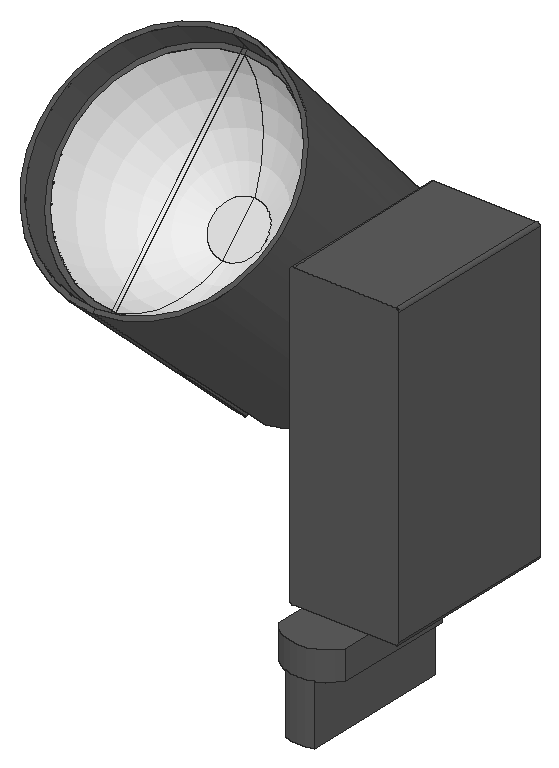
Revit family "0004902 Feilo Sylvania Lighting Fixture START TRACK SPOT L 35W 4K RA90 MB BLACK", category Lighting Fixtures, host Face, Revit 2017
Family settings
  Host = Face
  Round Connector Dimension = Use Diameter
  Part Type = Normal
  OmniClass Number = 23.80.70.00
  OmniClass Title = Lighting
  Cut with Voids When Loaded = No
  Light Source = No
  Shared = No
  Room Calculation Point = No
Parameters (values of type "0004902 START TRACK SPOT L 35W 4K RA90 MB BLACK")
  Weight = "1.368 kg"
  Wattage Comments = ""
  WarrantyStartDate [instance] = "n/a"
  WarrantyGuarantorParts = "n/a"
  WarrantyDurationUnit = "n/a"
  WarrantyDurationParts = "n/a"
  WarrantyDescription = "n/a"
  Voltage = 230 V
  URL = "http://www.sylvania-lighting.com"
  TypeName = "START TRACK SPOT L 35W 4K RA90 MB BLACK"
  TypeHead_FEILO = Start Track Spot Head : 0004902 START TRACK SPOT L 35W 4K RA90 MB BLACK
  TypeBox_FEILO = Start Track Spot Box : Type Large Black
  Type Image = <None>
  Type Comments = "n/a"
  VerticalRotation_FEILO [instance] = 0.00°
  SlideEndAngle_FEILO [instance] = VerticalRotation_FEILO + 180.00°  # 180.00°
  SerialNumber [instance] = "n/a"
  Material_3_FEILO = none
  PowerFactor = 0.93
  PowerConsumption = "35 W"
  NominalLength = 0 mm
  NominalHeight = 240 mm
  NominalDepth = 164 mm
  Name = "START TRACK SPOT L 35W 4K RA90 MB BLACK"
  ModelReference = Name  # "START TRACK SPOT L 35W 4K RA90 MB BLACK"
  ModelNumber = "0004902"
  Model = Name  # "START TRACK SPOT L 35W 4K RA90 MB BLACK"
  Material = "adc12 aluminium housing, polycarbonate diffuser"
  ManufacturerName = "Feilo Sylvania"
  Manufacturer = "Feilo Sylvania"
  LuminousEfficacy = "103 lm/W"
  LuminaireType = ""
  LightOutputRatio = "100"
  LampsType = Lamp  # "LED"
  LampNominalLuminous = "3616 lm"
  LampMacAdamStep = "3"
  LampColourTemperature = "4000 K"
  LampColourRenderingIndex = "90"
  Lamp = "LED"
  Keynote = "16500"
  InstallationDate [instance] = "n/a"
  InputVoltage = "230-240V~"
  InputNominalFrequency = "50/60 Hz"
  IngressProtection = "IP20"
  ImpactProtectionIndex = "IK02"
  IfcExportType = "IfcLightFixtureType"
  IfcExportAs = "IfcLightFixtureType"
  HorizontalRotation_FEILO [instance] = 45.00°
  ExpectedLife = 50000
  ElectricShockClassification = "Class II"
  DurationUnit = "hours"
  DocumentationLiterature = "http://www.sylvania-lighting.com/product/en-int/products/0004902"
  DimmingControlOptions = "Non dimmable"
  Material_2_FEILO = none
  Description = "Integrated LED spotlight, Textured Black - RAL9005, compact and minimalist design, ideal for retail applications, die-cast aluminium body, passive cooling heatsink. Beam angle: 38°, color temperature: 4000K , total system power: 35W, total fixture output: 3616 lm, LOR: 100%, colour rendering: Ra: 90 typical, LED Chromaticity: 3 step MacAdam ellipse, lifetime: >50000 hours at L70B50, energy class: A++, A+, A, IR/UV free light source without heat radiation, operating voltage: 220-240V / 50-60Hz, drive current: 900mA, electronic driver, non-dimmable, power factor: 0.93, electrical protection: Class II, Global Track 3 Phase adapter suitable for Global trac 3-circuit tracks, ingress protection rating: IP20, suitable for internal environment only, horizontal rotation: 355°, vertical tilt: 90°, dimensions: Ø113x164x240, weight: 1.368kg."
  Default Elevation = 1219.2 mm
  CreatedOn = "12/12/2017"
  CreatedBy = ""
  Cost = 0
  built-in parameter 1114216 [instance] = (empty or 0)
  ClassificationValue = "EF_70_80"
  ClassificationName = "Uniclass2015"
  Material_1_FEILO = Body-Sylvania-StartTrackSpot-Black
  BarCode [instance] = "n/a"
  AssetType = "Fixed"
  AssetIdentifier [instance] = "n/a"
  Assembly Code = "D5020200"
  Apparent Load = 35 VA
  Material_4_FEILO = none
Reference planes
  plane 1 "Center (Front/Back)": y = 0
  plane 2: z = 0
  plane 3 "Center (Left/Right)": x = 0
  plane 4: x = 15
  plane 5: x = -15
  plane 6: y = 35
  plane 7: y = -35
  plane 8: z = 13
  plane 9: z = -27
  plane 10: x = 6.5
  plane 11: x = -6.5
  plane 12: y = 27
  plane 13: y = -27
  plane 14: y = 20
Forms (mm)
  Extrusion 1, solid, material "Body-Sylvania-StartTrackSpot-Black" <- "Material_1_FEILO"
    sketch origin (0, 0, 0) x (1, 0, 0) y (0, 1, 0)
      loop
        line (-15, 27) -> (-15, -27)
        arc (-15, -27) -> (0, -35) -> (15, -27) r 18.062
        line (15, -27) -> (15, 27)
        arc (15, 27) -> (0, 35) -> (-15, 27) r 18.062
    from 0 to 13
  Extrusion 2, solid, material "Body-Sylvania-StartTrackSpot-Black" <- "Material_1_FEILO"
    sketch origin (0, 0, 0) x (1, 0, 0) y (0, 1, 0)
      loop
        arc (6.5, 33.79) -> (0, 35) -> (-6.5, 33.79) r 18.062
        line (-6.5, 33.79) -> (-6.5, -33.79)
        arc (-6.5, -33.79) -> (0, -35) -> (6.5, -33.79) r 18.062
        line (6.5, -33.79) -> (6.5, 33.79)
    from 0 to -27
  Revolve 3, solid, not visible
    sketch origin (1524, 20, 1219.2) x (1, 0, 0) y (0, 0, 1)
      loop
        line (-1524, -1206.2) -> (-1524, -1191.285) -> (-1530.5, -1191.285) -> (-1530.5, -1206.2) -> (-1524, -1206.2)
      axis (-1524, -1191.285) -> (-1524, -1206.2)
    angle from 0 <- "VerticalRotation_FEILO" to 180 <- "SlideEndAngle_FEILO"
Cuts and joins
  joined: Extrusion 1, Extrusion 2
Dimensions and locks
  equal spacing: plane 10, plane 3 "Center (Left/Right)", plane 11
  equal spacing: plane 4, plane 3 "Center (Left/Right)", plane 5
  locked: plane 8 to plane 2 at 13
  locked: plane 8 to plane 9 at 40
  equal spacing: plane 13, plane 1 "Center (Front/Back)", plane 12
  locked: plane 12 to plane 6 at 8
  locked: plane 14 to plane 6 at 15
  locked: Revolve 3 sketch curve to plane 8 at 14.915
  aligned and locked: plane 2 to host face
  aligned and locked: level to host face
  aligned and locked: plane 5 to Extrusion 1 sketch curve  (x2)
  aligned and locked: plane 12 to Extrusion 1 sketch curve
  aligned and locked: plane 13 to Extrusion 1 sketch curve
  aligned and locked: plane 4 to Extrusion 1 sketch curve
  aligned and locked: Extrusion 1 to plane 8
  aligned and locked: Extrusion 1 to level
  aligned and locked: Extrusion 2 sketch curve to Extrusion 1  (x2)
  aligned and locked: Extrusion 2 sketch curve to plane 11
  aligned and locked: plane 10 to Extrusion 2 sketch curve
  aligned and locked: plane 9 to Extrusion 2
  aligned and locked: level to Extrusion 2
  aligned and locked: Revolve 3 sketch curve to plane 3 "Center (Left/Right)"  (x2)
  aligned and locked: plane 11 to Revolve 3 sketch curve
  aligned and locked: Revolve 3 sketch curve to plane 8
Automatic sketch dimensions
  host sketch curve to host sketch curve = 2438.4 mm  (x2)
  Extrusion 1 sketch curve to plane 3 "Center (Left/Right)" = 0 mm  (x2)
  Extrusion 1 sketch curve to plane 13 = 10.062 mm
  plane 12 to Extrusion 1 sketch curve = 10.062 mm
  Revolve 3 sketch curve to plane 3 "Center (Left/Right)" = 0 mm
  plane 9 to Revolve 3 sketch curve = 582.6 mm
  Revolve 3 sketch curve to Revolve 3 sketch curve = 2581.144 mm
Nested families
  nested 1: "Start Track Spot Head" at (-75.5, 20, 133) x (0, 0.7071, 0.7071) z (0, 0.7071, -0.7071), type <- "TypeHead_FEILO", type "0004902 START TRACK SPOT L 35W 4K RA90 MB BLACK"
    with built-in parameter 1114216 (empty or 0)
  nested 2: "Start Track Spot Box" at (8.5, 20, 85) x (-1, 0, 0) z (0, -1, 0), BoxStartAngle_FEILO <- "HorizontalRotation_FEILO", type <- "TypeBox_FEILO", type "Type Large Black"
    with BoxStartAngle_FEILO 45.00°, BoxEndAngle_FEILO -135.00°
Connectors
  electrical at (0, 0, 0), driven by "Apparent Load", driven by "PowerFactor", driven by "Voltage"
    settings: index 1, voltage 230 V, apparent load 35 VA, apparent load phase1 0 VA, apparent load phase2 0 VA, apparent load phase3 0 VA, power factor 0.93, load classification "Lighting", number of poles 1, system type 30, power factor state 1, is connector primary yes, connector utility no, sub classification motor no, connector description ""
Definition of nested family "Start Track Spot Head"
  Parameters (values of type "0004811 START TRACK SPOT S 14W 3K RA80 NB WHITE")
    Wattage Comments = "n/a"
    Wattage = 14 W
    built-in parameter 1150110 = 1 (stored number, unit not read)
    URL = "http://www.feilosylvania.com"
    Type Image = (empty or 0)
    Type Comments = "n/a"
    built-in parameter 1114217 = 1 (stored number, unit not read)
    Tilt Angle = -90.00°
    built-in parameter 1150109 = 1 (stored number, unit not read)
    built-in parameter 1150134 = (empty or 0)
    built-in parameter 1150113 = 1 (stored number, unit not read)
    Photometric Web File = "0004811.ies"
    Material_3_FEILO = none
    Model = "START TRACK SPOT S 14W 3K RA80 NB WHITE"
    Manufacturer = "Feilo Sylvania"
    built-in parameter 1150105 = 123.66 (stored number, unit not read)
    Lumens = 1554 lm
    built-in parameter 1150115 = 1 (stored number, unit not read)
    built-in parameter 1150137 = (empty or 0)
    built-in parameter 1150139 = (empty or 0)
    built-in parameter 1150112 = 1 (stored number, unit not read)
    built-in parameter 1150114 = 1 (stored number, unit not read)
    Lamp = "LED"
    Keynote = "16500"
    Material_2_FEILO = none
    built-in parameter 1150132 = (empty or 0)
    built-in parameter 1150102 = (empty or 0)
    built-in parameter 1150107 = 3000 (stored number, unit not read)
    built-in parameter 1150138 = (empty or 0)
    built-in parameter 1150106 = 1.2366 (stored number, unit not read)
    HeadThickness_FEILO = if(HeadDiaOut_FEILO > 112 mm, 2 mm, 1.5 mm)  # 1.5 mm
    HeadRibOffset_FEILO = HeadHeight_FEILO / 28  # 4.179 mm
    HeadRibDepth_FEILO = HeadHeight_FEILO / 2.1  # 55.714 mm
    HeadRibCutWidth_FEILO = HeadDiaOut_FEILO / 12  # 7.167 mm
    HeadRibCutOffset_FEILO = HeadHeight_FEILO / 2.3  # 50.87 mm
    HeadReflectorRadius_FEILO = HeadDiaOut_FEILO / 1.7  # 50.588 mm
    HeadReflectorOffset_FEILO = HeadHeight_FEILO / 2.1  # 55.714 mm
    HeadLEDRadius_FEILO = HeadDiaOut_FEILO / 9  # 9.556 mm
    HeadHeight_FEILO = 117 mm
    HeadDraft_FEILO = 1 mm
    HeadDiffusorThickness_FEILO = 3 mm
    HeadDiffusorOffset_FEILO = HeadHeight_FEILO / 12.4  # 9.435 mm
    HeadDiaOut_FEILO = 86 mm
    HeadDiaIn_FEILO = HeadDiaOut_FEILO / 1.11  # 77.477 mm
    HeadAxisFromTop_FEILO = HeadHeight_FEILO / 1.687  # 69.354 mm
    Emit from Circle Diameter = HeadDiaIn_FEILO  # 77.477 mm
    Emit Shape Visible in Rendering = no
    built-in parameter 1150104 = 10.312 (stored number, unit not read)
    Dimming Lamp Color Temperature Shift = (empty or 0)
    Description = "Integrated LED spotlight, Textured White - RAL9016, compact and minimalist design, ideal for retail applications, die-cast aluminium body, passive cooling heatsink. Beam angle: 12°, color temperature: 3000K , total system power: 14W, total fixture output: 1551 lm, LOR: 100%, colour rendering: Ra: 80 typical, LED Chromaticity: 3 step MacAdam ellipse, lifetime: >50000 hours at L70B50, energy class: A++, A+, A, IR/UV free light source without heat radiation, operating voltage: 220-240V / 50-60Hz, drive current: 350mA, electronic driver, non-dimmable, power factor: 0.92, electrical protection: Class II, Global Track 3 Phase adapter suitable for Global trac 3-circuit tracks, ingress protection rating: IP20, suitable for internal environment only, horizontal rotation: 355°, vertical tilt: 90°, dimensions: Ø86x140x200, weight: 0.940kg."
    Default Elevation = 1219.2 mm
    Cost = 0
    Color Filter = 16777215
    built-in parameter 1114216 [instance] = (empty or 0)
    Material_1_FEILO = none
    built-in parameter 1114218 = 1 (stored number, unit not read)
    built-in parameter 1150133 = 10 (stored number, unit not read)
    Assembly Code = "D5020200"
    Apparent Load = 14 VA
    Material_4_FEILO = none
  Types (96, lengths in mm): name | Wattage | built-in parameter 1150134 | Photometric Web File | Model | built-in parameter 1150105 | Lumens | built-in parameter 1150107 | built-in parameter 1150106 | HeadThickness_FEILO | HeadRibOffset_FEILO | HeadRibDepth_FEILO | HeadRibCutWidth_FEILO | HeadRibCutOffset_FEILO | HeadReflectorRadius_FEILO | HeadReflectorOffset_FEILO | HeadLEDRadius_FEILO | HeadHeight_FEILO | HeadDiffusorOffset_FEILO | HeadDiaOut_FEILO | HeadDiaIn_FEILO | HeadAxisFromTop_FEILO | Emit from Circle Diameter | built-in parameter 1150104 | Description | Apparent Load
    0004906 START TRACK SPOT L 55W 4K RA90 WB BLACK | 55 W | 12 | "0004906.ies" | "START TRACK SPOT L 55W 4K RA90 WB BLACK" | 385.15 (stored number, unit not read) | 4840 lm | 4000 (stored number, unit not read) | 3.8515 (stored number, unit not read) | 2 | 4.429 | 59.048 | 9.417 | 53.913 | 66.471 | 59.048 | 12.556 | 124 | 10 | 113 | 101.802 | 73.503 | 101.802 | 8.1755 (stored number, unit not read) | "Integrated LED spotlight, Textured Black - RAL9005, compact and minimalist design, ideal for retail applications, die-cast aluminium body, passive cooling heatsink. Beam angle: 52°, color temperature: 4000K , total system power: 55W, total fixture output: 4824 lm, LOR: 100%, colour rendering: Ra: 90 typical, LED Chromaticity: 3 step MacAdam ellipse, lifetime: >50000 hours at L70B50, energy class: A++, A+, A, IR/UV free light source without heat radiation, operating voltage: 220-240V / 50-60Hz, drive current: 1400mA, electronic driver, non-dimmable, power factor: 0.96, electrical protection: Class II, Global Track 3 Phase adapter suitable for Global trac 3-circuit tracks, ingress protection rating: IP20, suitable for internal environment only, horizontal rotation: 355°, vertical tilt: 90°, dimensions: Ø113x164x240, weight: 1.398kg." | 55 VA
    0004905 START TRACK SPOT L 55W 4K RA90 MB BLACK | 55 W | 12 | "0004905.ies" | "START TRACK SPOT L 55W 4K RA90 MB BLACK" | 389.53 (stored number, unit not read) | 4895 lm | 4000 (stored number, unit not read) | 3.8953 (stored number, unit not read) | 2 | 4.429 | 59.048 | 9.417 | 53.913 | 66.471 | 59.048 | 12.556 | 124 | 10 | 113 | 101.802 | 73.503 | 101.802 | 8.2684 (stored number, unit not read) | "Integrated LED spotlight, Textured Black - RAL9005, compact and minimalist design, ideal for retail applications, die-cast aluminium body, passive cooling heatsink. Beam angle: 38°, color temperature: 4000K , total system power: 55W, total fixture output: 4897 lm, LOR: 100%, colour rendering: Ra: 90 typical, LED Chromaticity: 3 step MacAdam ellipse, lifetime: >50000 hours at L70B50, energy class: A++, A+, A, IR/UV free light source without heat radiation, operating voltage: 220-240V / 50-60Hz, drive current: 1400mA, electronic driver, non-dimmable, power factor: 0.96, electrical protection: Class II, Global Track 3 Phase adapter suitable for Global trac 3-circuit tracks, ingress protection rating: IP20, suitable for internal environment only, horizontal rotation: 355°, vertical tilt: 90°, dimensions: Ø113x164x240, weight: 1.398kg." | 55 VA
    0004904 START TRACK SPOT L 55W 4K RA90 NB BLACK | 55 W | 12 | "0004904.ies" | "START TRACK SPOT L 55W 4K RA90 NB BLACK" | 393.91 (stored number, unit not read) | 4950 lm | 4000 (stored number, unit not read) | 3.9391 (stored number, unit not read) | 2 | 4.429 | 59.048 | 9.417 | 53.913 | 66.471 | 59.048 | 12.556 | 124 | 10 | 113 | 101.802 | 73.503 | 101.802 | 8.3613 (stored number, unit not read) | "Integrated LED spotlight, Textured Black - RAL9005, compact and minimalist design, ideal for retail applications, die-cast aluminium body, passive cooling heatsink. Beam angle: 15°, color temperature: 4000K , total system power: 55W, total fixture output: 4965 lm, LOR: 100%, colour rendering: Ra: 90 typical, LED Chromaticity: 3 step MacAdam ellipse, lifetime: >50000 hours at L70B50, energy class: A++, A+, A, IR/UV free light source without heat radiation, operating voltage: 220-240V / 50-60Hz, drive current: 1400mA, electronic driver, non-dimmable, power factor: 0.96, electrical protection: Class II, Global Track 3 Phase adapter suitable for Global trac 3-circuit tracks, ingress protection rating: IP20, suitable for internal environment only, horizontal rotation: 355°, vertical tilt: 90°, dimensions: Ø113x164x240, weight: 1.398kg." | 55 VA
    0004903 START TRACK SPOT L 35W 4K RA90 WB BLACK | 35 W | 12 | "0004903.ies" | "START TRACK SPOT L 35W 4K RA90 WB BLACK" | 284.09 (stored number, unit not read) | 3570 lm | 4000 (stored number, unit not read) | 2.8409 (stored number, unit not read) | 2 | 4.429 | 59.048 | 9.417 | 53.913 | 66.471 | 59.048 | 12.556 | 124 | 10 | 113 | 101.802 | 73.503 | 101.802 | 9.4761 (stored number, unit not read) | "Integrated LED spotlight, Textured Black - RAL9005, compact and minimalist design, ideal for retail applications, die-cast aluminium body, passive cooling heatsink. Beam angle: 52°, color temperature: 4000K , total system power: 35W, total fixture output: 3562 lm, LOR: 100%, colour rendering: Ra: 90 typical, LED Chromaticity: 3 step MacAdam ellipse, lifetime: >50000 hours at L70B50, energy class: A++, A+, A, IR/UV free light source without heat radiation, operating voltage: 220-240V / 50-60Hz, drive current: 900mA, electronic driver, non-dimmable, power factor: 0.93, electrical protection: Class II, Global Track 3 Phase adapter suitable for Global trac 3-circuit tracks, ingress protection rating: IP20, suitable for internal environment only, horizontal rotation: 355°, vertical tilt: 90°, dimensions: Ø113x164x240, weight: 1.368kg." | 35 VA
    0004902 START TRACK SPOT L 35W 4K RA90 MB BLACK | 35 W | 12 | "0004902.ies" | "START TRACK SPOT L 35W 4K RA90 MB BLACK" | 286.88 (stored number, unit not read) | 3605 lm | 4000 (stored number, unit not read) | 2.8688 (stored number, unit not read) | 2 | 4.429 | 59.048 | 9.417 | 53.913 | 66.471 | 59.048 | 12.556 | 124 | 10 | 113 | 101.802 | 73.503 | 101.802 | 9.569 (stored number, unit not read) | "Integrated LED spotlight, Textured Black - RAL9005, compact and minimalist design, ideal for retail applications, die-cast aluminium body, passive cooling heatsink. Beam angle: 38°, color temperature: 4000K , total system power: 35W, total fixture output: 3616 lm, LOR: 100%, colour rendering: Ra: 90 typical, LED Chromaticity: 3 step MacAdam ellipse, lifetime: >50000 hours at L70B50, energy class: A++, A+, A, IR/UV free light source without heat radiation, operating voltage: 220-240V / 50-60Hz, drive current: 900mA, electronic driver, non-dimmable, power factor: 0.93, electrical protection: Class II, Global Track 3 Phase adapter suitable for Global trac 3-circuit tracks, ingress protection rating: IP20, suitable for internal environment only, horizontal rotation: 355°, vertical tilt: 90°, dimensions: Ø113x164x240, weight: 1.368kg." | 35 VA
    0004901 START TRACK SPOT L 35W 4K RA90 NB BLACK | 35 W | 12 | "0004901.ies" | "START TRACK SPOT L 35W 4K RA90 NB BLACK" | 286.88 (stored number, unit not read) | 3605 lm | 4000 (stored number, unit not read) | 2.8688 (stored number, unit not read) | 2 | 4.429 | 59.048 | 9.417 | 53.913 | 66.471 | 59.048 | 12.556 | 124 | 10 | 113 | 101.802 | 73.503 | 101.802 | 9.569 (stored number, unit not read) | "Integrated LED spotlight, Textured Black - RAL9005, compact and minimalist design, ideal for retail applications, die-cast aluminium body, passive cooling heatsink. Beam angle: 15°, color temperature: 4000K , total system power: 35W, total fixture output: 3593 lm, LOR: 100%, colour rendering: Ra: 90 typical, LED Chromaticity: 3 step MacAdam ellipse, lifetime: >50000 hours at L70B50, energy class: A++, A+, A, IR/UV free light source without heat radiation, operating voltage: 220-240V / 50-60Hz, drive current: 900mA, electronic driver, non-dimmable, power factor: 0.93, electrical protection: Class II, Global Track 3 Phase adapter suitable for Global trac 3-circuit tracks, ingress protection rating: IP20, suitable for internal environment only, horizontal rotation: 355°, vertical tilt: 90°, dimensions: Ø113x164x240, weight: 1.368kg." | 35 VA
    0004900 START TRACK SPOT S 24W 4K RA90 WB BLACK | 24 W | 12 | "0004900.ies" | "START TRACK SPOT S 24W 4K RA90 WB BLACK" | 166.16 (stored number, unit not read) | 2088 lm | 4000 (stored number, unit not read) | 1.6616 (stored number, unit not read) | 1.5 | 4.179 | 55.714 | 7.167 | 50.87 | 50.588 | 55.714 | 9.556 | 117 | 9.435 | 86 | 77.477 | 69.354 | 77.477 | 8.0826 (stored number, unit not read) | "Integrated LED spotlight, Textured Black - RAL9005, compact and minimalist design, ideal for retail applications, die-cast aluminium body, passive cooling heatsink. Beam angle: 64°, color temperature: 4000K , total system power: 24W, total fixture output: 2087 lm, LOR: 100%, colour rendering: Ra: 90 typical, LED Chromaticity: 3 step MacAdam ellipse, lifetime: >50000 hours at L70B50, energy class: A++, A+, A, IR/UV free light source without heat radiation, operating voltage: 220-240V / 50-60Hz, drive current: 600mA, electronic driver, non-dimmable, power factor: 0.95, electrical protection: Class II, Global Track 3 Phase adapter suitable for Global trac 3-circuit tracks, ingress protection rating: IP20, suitable for internal environment only, horizontal rotation: 355°, vertical tilt: 90°, dimensions: Ø86x140x200, weight: 0.966kg." | 24 VA
    0004899 START TRACK SPOT S 24W 4K RA90 MB BLACK | 24 W | 12 | "0004899.ies" | "START TRACK SPOT S 24W 4K RA90 MB BLACK" | 169.98 (stored number, unit not read) | 2136 lm | 4000 (stored number, unit not read) | 1.6998 (stored number, unit not read) | 1.5 | 4.179 | 55.714 | 7.167 | 50.87 | 50.588 | 55.714 | 9.556 | 117 | 9.435 | 86 | 77.477 | 69.354 | 77.477 | 8.2684 (stored number, unit not read) | "Integrated LED spotlight, Textured Black - RAL9005, compact and minimalist design, ideal for retail applications, die-cast aluminium body, passive cooling heatsink. Beam angle: 36°, color temperature: 4000K , total system power: 24W, total fixture output: 2141 lm, LOR: 100%, colour rendering: Ra: 90 typical, LED Chromaticity: 3 step MacAdam ellipse, lifetime: >50000 hours at L70B50, energy class: A++, A+, A, IR/UV free light source without heat radiation, operating voltage: 220-240V / 50-60Hz, drive current: 600mA, electronic driver, non-dimmable, power factor: 0.95, electrical protection: Class II, Global Track 3 Phase adapter suitable for Global trac 3-circuit tracks, ingress protection rating: IP20, suitable for internal environment only, horizontal rotation: 355°, vertical tilt: 90°, dimensions: Ø86x140x200, weight: 0.966kg." | 24 VA
    0004898 START TRACK SPOT S 24W 4K RA90 NB BLACK | 24 W | 12 | "0004898.ies" | "START TRACK SPOT S 24W 4K RA90 NB BLACK" | 171.89 (stored number, unit not read) | 2160 lm | 4000 (stored number, unit not read) | 1.7189 (stored number, unit not read) | 1.5 | 4.179 | 55.714 | 7.167 | 50.87 | 50.588 | 55.714 | 9.556 | 117 | 9.435 | 86 | 77.477 | 69.354 | 77.477 | 8.3613 (stored number, unit not read) | "Integrated LED spotlight, Textured Black - RAL9005, compact and minimalist design, ideal for retail applications, die-cast aluminium body, passive cooling heatsink. Beam angle: 12°, color temperature: 4000K , total system power: 24W, total fixture output: 2155 lm, LOR: 100%, colour rendering: Ra: 90 typical, LED Chromaticity: 3 step MacAdam ellipse, lifetime: >50000 hours at L70B50, energy class: A++, A+, A, IR/UV free light source without heat radiation, operating voltage: 220-240V / 50-60Hz, drive current: 600mA, electronic driver, non-dimmable, power factor: 0.95, electrical protection: Class II, Global Track 3 Phase adapter suitable for Global trac 3-circuit tracks, ingress protection rating: IP20, suitable for internal environment only, horizontal rotation: 355°, vertical tilt: 90°, dimensions: Ø86x140x200, weight: 0.966kg." | 24 VA
    0004897 START TRACK SPOT S 14W 4K RA90 WB BLACK | 14 W | 12 | "0004897.ies" | "START TRACK SPOT S 14W 4K RA90 WB BLACK" | 108.07 (stored number, unit not read) | 1358 lm | 4000 (stored number, unit not read) | 1.0807 (stored number, unit not read) | 1.5 | 4.179 | 55.714 | 7.167 | 50.87 | 50.588 | 55.714 | 9.556 | 117 | 9.435 | 86 | 77.477 | 69.354 | 77.477 | 9.0116 (stored number, unit not read) | "Integrated LED spotlight, Textured Black - RAL9005, compact and minimalist design, ideal for retail applications, die-cast aluminium body, passive cooling heatsink. Beam angle: 64°, color temperature: 4000K , total system power: 14W, total fixture output: 1352 lm, LOR: 100%, colour rendering: Ra: 90 typical, LED Chromaticity: 3 step MacAdam ellipse, lifetime: >50000 hours at L70B50, energy class: A++, A+, A, IR/UV free light source without heat radiation, operating voltage: 220-240V / 50-60Hz, drive current: 350mA, electronic driver, non-dimmable, power factor: 0.92, electrical protection: Class II, Global Track 3 Phase adapter suitable for Global trac 3-circuit tracks, ingress protection rating: IP20, suitable for internal environment only, horizontal rotation: 355°, vertical tilt: 90°, dimensions: Ø86x140x200, weight: 0.940kg." | 14 VA
    0004896 START TRACK SPOT S 14W 4K RA90 MB BLACK | 14 W | 12 | "0004896.ies" | "START TRACK SPOT S 14W 4K RA90 MB BLACK" | 108.07 (stored number, unit not read) | 1358 lm | 4000 (stored number, unit not read) | 1.0807 (stored number, unit not read) | 1.5 | 4.179 | 55.714 | 7.167 | 50.87 | 50.588 | 55.714 | 9.556 | 117 | 9.435 | 86 | 77.477 | 69.354 | 77.477 | 9.0116 (stored number, unit not read) | "Integrated LED spotlight, Textured Black - RAL9005, compact and minimalist design, ideal for retail applications, die-cast aluminium body, passive cooling heatsink. Beam angle: 36°, color temperature: 4000K , total system power: 14W, total fixture output: 1359 lm, LOR: 100%, colour rendering: Ra: 90 typical, LED Chromaticity: 3 step MacAdam ellipse, lifetime: >50000 hours at L70B50, energy class: A++, A+, A, IR/UV free light source without heat radiation, operating voltage: 220-240V / 50-60Hz, drive current: 350mA, electronic driver, non-dimmable, power factor: 0.92, electrical protection: Class II, Global Track 3 Phase adapter suitable for Global trac 3-circuit tracks, ingress protection rating: IP20, suitable for internal environment only, horizontal rotation: 355°, vertical tilt: 90°, dimensions: Ø86x140x200, weight: 0.940kg." | 14 VA
    0004895 START TRACK SPOT S 14W 4K RA90 NB BLACK | 14 W | 12 | "0004895.ies" | "START TRACK SPOT S 14W 4K RA90 NB BLACK" | 106.95 (stored number, unit not read) | 1344 lm | 4000 (stored number, unit not read) | 1.0695 (stored number, unit not read) | 1.5 | 4.179 | 55.714 | 7.167 | 50.87 | 50.588 | 55.714 | 9.556 | 117 | 9.435 | 86 | 77.477 | 69.354 | 77.477 | 8.9187 (stored number, unit not read) | "Integrated LED spotlight, Textured Black - RAL9005, compact and minimalist design, ideal for retail applications, die-cast aluminium body, passive cooling heatsink. Beam angle: 12°, color temperature: 4000K , total system power: 14W, total fixture output: 1349 lm, LOR: 100%, colour rendering: Ra: 90 typical, LED Chromaticity: 3 step MacAdam ellipse, lifetime: >50000 hours at L70B50, energy class: A++, A+, A, IR/UV free light source without heat radiation, operating voltage: 220-240V / 50-60Hz, drive current: 350mA, electronic driver, non-dimmable, power factor: 0.92, electrical protection: Class II, Global Track 3 Phase adapter suitable for Global trac 3-circuit tracks, ingress protection rating: IP20, suitable for internal environment only, horizontal rotation: 355°, vertical tilt: 90°, dimensions: Ø86x140x200, weight: 0.940kg." | 14 VA
    0004894 START TRACK SPOT L 55W 3K RA90 WB BLACK | 55 W | (empty or 0) | "0004894.ies" | "START TRACK SPOT L 55W 3K RA90 WB BLACK" | 350.14 (stored number, unit not read) | 4400 lm | 3000 (stored number, unit not read) | 3.5014 (stored number, unit not read) | 2 | 4.429 | 59.048 | 9.417 | 53.913 | 66.471 | 59.048 | 12.556 | 124 | 10 | 113 | 101.802 | 73.503 | 101.802 | 7.4322 (stored number, unit not read) | "Integrated LED spotlight, Textured Black - RAL9005, compact and minimalist design, ideal for retail applications, die-cast aluminium body, passive cooling heatsink. Beam angle: 52°, color temperature: 3000K , total system power: 55W, total fixture output: 4405 lm, LOR: 100%, colour rendering: Ra: 90 typical, LED Chromaticity: 3 step MacAdam ellipse, lifetime: >50000 hours at L70B50, energy class: A++, A+, A, IR/UV free light source without heat radiation, operating voltage: 220-240V / 50-60Hz, drive current: 1400mA, electronic driver, non-dimmable, power factor: 0.96, electrical protection: Class II, Global Track 3 Phase adapter suitable for Global trac 3-circuit tracks, ingress protection rating: IP20, suitable for internal environment only, horizontal rotation: 355°, vertical tilt: 90°, dimensions: Ø113x164x240, weight: 1.398kg." | 55 VA
    0004893 START TRACK SPOT L 55W 3K RA90 MB BLACK | 55 W | (empty or 0) | "0004893.ies" | "START TRACK SPOT L 55W 3K RA90 MB BLACK" | 354.52 (stored number, unit not read) | 4455 lm | 3000 (stored number, unit not read) | 3.5452 (stored number, unit not read) | 2 | 4.429 | 59.048 | 9.417 | 53.913 | 66.471 | 59.048 | 12.556 | 124 | 10 | 113 | 101.802 | 73.503 | 101.802 | 7.5251 (stored number, unit not read) | "Integrated LED spotlight, Textured Black - RAL9005, compact and minimalist design, ideal for retail applications, die-cast aluminium body, passive cooling heatsink. Beam angle: 38°, color temperature: 3000K , total system power: 55W, total fixture output: 4448 lm, LOR: 100%, colour rendering: Ra: 90 typical, LED Chromaticity: 3 step MacAdam ellipse, lifetime: >50000 hours at L70B50, energy class: A++, A+, A, IR/UV free light source without heat radiation, operating voltage: 220-240V / 50-60Hz, drive current: 1400mA, electronic driver, non-dimmable, power factor: 0.96, electrical protection: Class II, Global Track 3 Phase adapter suitable for Global trac 3-circuit tracks, ingress protection rating: IP20, suitable for internal environment only, horizontal rotation: 355°, vertical tilt: 90°, dimensions: Ø113x164x240, weight: 1.398kg." | 55 VA
    0004892 START TRACK SPOT L 55W 3K RA90 NB BLACK | 55 W | (empty or 0) | "0004892.ies" | "START TRACK SPOT L 55W 3K RA90 NB BLACK" | 350.14 (stored number, unit not read) | 4400 lm | 3000 (stored number, unit not read) | 3.5014 (stored number, unit not read) | 2 | 4.429 | 59.048 | 9.417 | 53.913 | 66.471 | 59.048 | 12.556 | 124 | 10 | 113 | 101.802 | 73.503 | 101.802 | 7.4322 (stored number, unit not read) | "Integrated LED spotlight, Textured Black - RAL9005, compact and minimalist design, ideal for retail applications, die-cast aluminium body, passive cooling heatsink. Beam angle: 15°, color temperature: 3000K , total system power: 55W, total fixture output: 4416 lm, LOR: 100%, colour rendering: Ra: 90 typical, LED Chromaticity: 3 step MacAdam ellipse, lifetime: >50000 hours at L70B50, energy class: A++, A+, A, IR/UV free light source without heat radiation, operating voltage: 220-240V / 50-60Hz, drive current: 1400mA, electronic driver, non-dimmable, power factor: 0.96, electrical protection: Class II, Global Track 3 Phase adapter suitable for Global trac 3-circuit tracks, ingress protection rating: IP20, suitable for internal environment only, horizontal rotation: 355°, vertical tilt: 90°, dimensions: Ø113x164x240, weight: 1.398kg." | 55 VA
    0004891 START TRACK SPOT L 35W 3K RA90 WB BLACK | 35 W | (empty or 0) | "0004891.ies" | "START TRACK SPOT L 35W 3K RA90 WB BLACK" | 259.02 (stored number, unit not read) | 3255 lm | 3000 (stored number, unit not read) | 2.5902 (stored number, unit not read) | 2 | 4.429 | 59.048 | 9.417 | 53.913 | 66.471 | 59.048 | 12.556 | 124 | 10 | 113 | 101.802 | 73.503 | 101.802 | 8.64 (stored number, unit not read) | "Integrated LED spotlight, Textured Black - RAL9005, compact and minimalist design, ideal for retail applications, die-cast aluminium body, passive cooling heatsink. Beam angle: 52°, color temperature: 3000K , total system power: 35W, total fixture output: 3260 lm, LOR: 100%, colour rendering: Ra: 90 typical, LED Chromaticity: 3 step MacAdam ellipse, lifetime: >50000 hours at L70B50, energy class: A++, A+, A, IR/UV free light source without heat radiation, operating voltage: 220-240V / 50-60Hz, drive current: 900mA, electronic driver, non-dimmable, power factor: 0.93, electrical protection: Class II, Global Track 3 Phase adapter suitable for Global trac 3-circuit tracks, ingress protection rating: IP20, suitable for internal environment only, horizontal rotation: 355°, vertical tilt: 90°, dimensions: Ø113x164x240, weight: 1.368kg." | 35 VA
    0004890 START TRACK SPOT L 35W 3K RA90 MB BLACK | 35 W | (empty or 0) | "0004890.ies" | "START TRACK SPOT L 35W 3K RA90 MB BLACK" | 261.81 (stored number, unit not read) | 3290 lm | 3000 (stored number, unit not read) | 2.6181 (stored number, unit not read) | 2 | 4.429 | 59.048 | 9.417 | 53.913 | 66.471 | 59.048 | 12.556 | 124 | 10 | 113 | 101.802 | 73.503 | 101.802 | 8.7329 (stored number, unit not read) | "Integrated LED spotlight, Textured Black - RAL9005, compact and minimalist design, ideal for retail applications, die-cast aluminium body, passive cooling heatsink. Beam angle: 38°, color temperature: 3000K , total system power: 35W, total fixture output: 3306 lm, LOR: 100%, colour rendering: Ra: 90 typical, LED Chromaticity: 3 step MacAdam ellipse, lifetime: >50000 hours at L70B50, energy class: A++, A+, A, IR/UV free light source without heat radiation, operating voltage: 220-240V / 50-60Hz, drive current: 900mA, electronic driver, non-dimmable, power factor: 0.93, electrical protection: Class II, Global Track 3 Phase adapter suitable for Global trac 3-circuit tracks, ingress protection rating: IP20, suitable for internal environment only, horizontal rotation: 355°, vertical tilt: 90°, dimensions: Ø113x164x240, weight: 1.368kg." | 35 VA
    0004889 START TRACK SPOT L 35W 3K RA90 NB BLACK | 35 W | (empty or 0) | "0004889.ies" | "START TRACK SPOT L 35W 3K RA90 NB BLACK" | 261.81 (stored number, unit not read) | 3290 lm | 3000 (stored number, unit not read) | 2.6181 (stored number, unit not read) | 2 | 4.429 | 59.048 | 9.417 | 53.913 | 66.471 | 59.048 | 12.556 | 124 | 10 | 113 | 101.802 | 73.503 | 101.802 | 8.7329 (stored number, unit not read) | "Integrated LED spotlight, Textured Black - RAL9005, compact and minimalist design, ideal for retail applications, die-cast aluminium body, passive cooling heatsink. Beam angle: 15°, color temperature: 3000K , total system power: 35W, total fixture output: 3287 lm, LOR: 100%, colour rendering: Ra: 90 typical, LED Chromaticity: 3 step MacAdam ellipse, lifetime: >50000 hours at L70B50, energy class: A++, A+, A, IR/UV free light source without heat radiation, operating voltage: 220-240V / 50-60Hz, drive current: 900mA, electronic driver, non-dimmable, power factor: 0.93, electrical protection: Class II, Global Track 3 Phase adapter suitable for Global trac 3-circuit tracks, ingress protection rating: IP20, suitable for internal environment only, horizontal rotation: 355°, vertical tilt: 90°, dimensions: Ø113x164x240, weight: 1.368kg." | 35 VA
    0004888 START TRACK SPOT S 24W 3K RA90 WB BLACK | 24 W | (empty or 0) | "0004888.ies" | "START TRACK SPOT S 24W 3K RA90 WB BLACK" | 152.79 (stored number, unit not read) | 1920 lm | 3000 (stored number, unit not read) | 1.5279 (stored number, unit not read) | 1.5 | 4.179 | 55.714 | 7.167 | 50.87 | 50.588 | 55.714 | 9.556 | 117 | 9.435 | 86 | 77.477 | 69.354 | 77.477 | 7.4322 (stored number, unit not read) | "Integrated LED spotlight, Textured Black - RAL9005, compact and minimalist design, ideal for retail applications, die-cast aluminium body, passive cooling heatsink. Beam angle: 64°, color temperature: 3000K , total system power: 24W, total fixture output: 1928 lm, LOR: 100%, colour rendering: Ra: 90 typical, LED Chromaticity: 3 step MacAdam ellipse, lifetime: >50000 hours at L70B50, energy class: A++, A+, A, IR/UV free light source without heat radiation, operating voltage: 220-240V / 50-60Hz, drive current: 600mA, electronic driver, non-dimmable, power factor: 0.95, electrical protection: Class II, Global Track 3 Phase adapter suitable for Global trac 3-circuit tracks, ingress protection rating: IP20, suitable for internal environment only, horizontal rotation: 355°, vertical tilt: 90°, dimensions: Ø86x140x200, weight: 0.966kg." | 24 VA
    0004887 START TRACK SPOT S 24W 3K RA90 MB BLACK | 24 W | (empty or 0) | "0004887.ies" | "START TRACK SPOT S 24W 3K RA90 MB BLACK" | 154.7 (stored number, unit not read) | 1944 lm | 3000 (stored number, unit not read) | 1.547 (stored number, unit not read) | 1.5 | 4.179 | 55.714 | 7.167 | 50.87 | 50.588 | 55.714 | 9.556 | 117 | 9.435 | 86 | 77.477 | 69.354 | 77.477 | 7.5251 (stored number, unit not read) | "Integrated LED spotlight, Textured Black - RAL9005, compact and minimalist design, ideal for retail applications, die-cast aluminium body, passive cooling heatsink. Beam angle: 36°, color temperature: 3000K , total system power: 24W, total fixture output: 1944 lm, LOR: 100%, colour rendering: Ra: 90 typical, LED Chromaticity: 3 step MacAdam ellipse, lifetime: >50000 hours at L70B50, energy class: A++, A+, A, IR/UV free light source without heat radiation, operating voltage: 220-240V / 50-60Hz, drive current: 600mA, electronic driver, non-dimmable, power factor: 0.95, electrical protection: Class II, Global Track 3 Phase adapter suitable for Global trac 3-circuit tracks, ingress protection rating: IP20, suitable for internal environment only, horizontal rotation: 355°, vertical tilt: 90°, dimensions: Ø86x140x200, weight: 0.966kg." | 24 VA
    0004886 START TRACK SPOT S 24W 3K RA90 NB BLACK | 24 W | (empty or 0) | "0004886.ies" | "START TRACK SPOT S 24W 3K RA90 NB BLACK" | 158.52 (stored number, unit not read) | 1992 lm | 3000 (stored number, unit not read) | 1.5852 (stored number, unit not read) | 1.5 | 4.179 | 55.714 | 7.167 | 50.87 | 50.588 | 55.714 | 9.556 | 117 | 9.435 | 86 | 77.477 | 69.354 | 77.477 | 7.711 (stored number, unit not read) | "Integrated LED spotlight, Textured Black - RAL9005, compact and minimalist design, ideal for retail applications, die-cast aluminium body, passive cooling heatsink. Beam angle: 12°, color temperature: 3000K , total system power: 24W, total fixture output: 1987 lm, LOR: 100%, colour rendering: Ra: 90 typical, LED Chromaticity: 3 step MacAdam ellipse, lifetime: >50000 hours at L70B50, energy class: A++, A+, A, IR/UV free light source without heat radiation, operating voltage: 220-240V / 50-60Hz, drive current: 600mA, electronic driver, non-dimmable, power factor: 0.95, electrical protection: Class II, Global Track 3 Phase adapter suitable for Global trac 3-circuit tracks, ingress protection rating: IP20, suitable for internal environment only, horizontal rotation: 355°, vertical tilt: 90°, dimensions: Ø86x140x200, weight: 0.966kg." | 24 VA
    0004885 START TRACK SPOT S 14W 3K RA90 WB BLACK | 14 W | (empty or 0) | "0004885.ies" | "START TRACK SPOT S 14W 3K RA90 WB BLACK" | 100.27 (stored number, unit not read) | 1260 lm | 3000 (stored number, unit not read) | 1.0027 (stored number, unit not read) | 1.5 | 4.179 | 55.714 | 7.167 | 50.87 | 50.588 | 55.714 | 9.556 | 117 | 9.435 | 86 | 77.477 | 69.354 | 77.477 | 8.3613 (stored number, unit not read) | "Integrated LED spotlight, Textured Black - RAL9005, compact and minimalist design, ideal for retail applications, die-cast aluminium body, passive cooling heatsink. Beam angle: 64°, color temperature: 3000K , total system power: 14W, total fixture output: 1262 lm, LOR: 100%, colour rendering: Ra: 90 typical, LED Chromaticity: 3 step MacAdam ellipse, lifetime: >50000 hours at L70B50, energy class: A++, A+, A, IR/UV free light source without heat radiation, operating voltage: 220-240V / 50-60Hz, drive current: 350mA, electronic driver, non-dimmable, power factor: 0.92, electrical protection: Class II, Global Track 3 Phase adapter suitable for Global trac 3-circuit tracks, ingress protection rating: IP20, suitable for internal environment only, horizontal rotation: 355°, vertical tilt: 90°, dimensions: Ø86x140x200, weight: 0.940kg." | 14 VA
    0004884 START TRACK SPOT S 14W 3K RA90 MB BLACK | 14 W | (empty or 0) | "0004884.ies" | "START TRACK SPOT S 14W 3K RA90 MB BLACK" | 100.27 (stored number, unit not read) | 1260 lm | 3000 (stored number, unit not read) | 1.0027 (stored number, unit not read) | 1.5 | 4.179 | 55.714 | 7.167 | 50.87 | 50.588 | 55.714 | 9.556 | 117 | 9.435 | 86 | 77.477 | 69.354 | 77.477 | 8.3613 (stored number, unit not read) | "Integrated LED spotlight, Textured Black - RAL9005, compact and minimalist design, ideal for retail applications, die-cast aluminium body, passive cooling heatsink. Beam angle: 36°, color temperature: 3000K , total system power: 14W, total fixture output: 1262 lm, LOR: 100%, colour rendering: Ra: 90 typical, LED Chromaticity: 3 step MacAdam ellipse, lifetime: >50000 hours at L70B50, energy class: A++, A+, A, IR/UV free light source without heat radiation, operating voltage: 220-240V / 50-60Hz, drive current: 350mA, electronic driver, non-dimmable, power factor: 0.92, electrical protection: Class II, Global Track 3 Phase adapter suitable for Global trac 3-circuit tracks, ingress protection rating: IP20, suitable for internal environment only, horizontal rotation: 355°, vertical tilt: 90°, dimensions: Ø86x140x200, weight: 0.940kg." | 14 VA
    0004883 START TRACK SPOT S 14W 3K RA90 NB BLACK | 14 W | (empty or 0) | "0004883.ies" | "START TRACK SPOT S 14W 3K RA90 NB BLACK" | 102.5 (stored number, unit not read) | 1288 lm | 3000 (stored number, unit not read) | 1.025 (stored number, unit not read) | 1.5 | 4.179 | 55.714 | 7.167 | 50.87 | 50.588 | 55.714 | 9.556 | 117 | 9.435 | 86 | 77.477 | 69.354 | 77.477 | 8.5471 (stored number, unit not read) | "Integrated LED spotlight, Textured Black - RAL9005, compact and minimalist design, ideal for retail applications, die-cast aluminium body, passive cooling heatsink. Beam angle: 12°, color temperature: 3000K , total system power: 14W, total fixture output: 1284 lm, LOR: 100%, colour rendering: Ra: 90 typical, LED Chromaticity: 3 step MacAdam ellipse, lifetime: >50000 hours at L70B50, energy class: A++, A+, A, IR/UV free light source without heat radiation, operating voltage: 220-240V / 50-60Hz, drive current: 350mA, electronic driver, non-dimmable, power factor: 0.92, electrical protection: Class II, Global Track 3 Phase adapter suitable for Global trac 3-circuit tracks, ingress protection rating: IP20, suitable for internal environment only, horizontal rotation: 355°, vertical tilt: 90°, dimensions: Ø86x140x200, weight: 0.940kg." | 14 VA
    0004882 START TRACK SPOT L 55W 4K RA90 WB WHITE | 55 W | 12 | "0004882.ies" | "START TRACK SPOT L 55W 4K RA90 WB WHITE" | 385.15 (stored number, unit not read) | 4840 lm | 4000 (stored number, unit not read) | 3.8515 (stored number, unit not read) | 2 | 4.429 | 59.048 | 9.417 | 53.913 | 66.471 | 59.048 | 12.556 | 124 | 10 | 113 | 101.802 | 73.503 | 101.802 | 8.1755 (stored number, unit not read) | "Integrated LED spotlight, Textured White - RAL9016, compact and minimalist design, ideal for retail applications, die-cast aluminium body, passive cooling heatsink. Beam angle: 52°, color temperature: 4000K , total system power: 55W, total fixture output: 4824 lm, LOR: 100%, colour rendering: Ra: 90 typical, LED Chromaticity: 3 step MacAdam ellipse, lifetime: >50000 hours at L70B50, energy class: A++, A+, A, IR/UV free light source without heat radiation, operating voltage: 220-240V / 50-60Hz, drive current: 1400mA, electronic driver, non-dimmable, power factor: 0.96, electrical protection: Class II, Global Track 3 Phase adapter suitable for Global trac 3-circuit tracks, ingress protection rating: IP20, suitable for internal environment only, horizontal rotation: 355°, vertical tilt: 90°, dimensions: Ø113x164x240, weight: 1.398kg." | 55 VA
    0004881 START TRACK SPOT L 55W 4K RA90 MB WHITE | 55 W | 12 | "0004881.ies" | "START TRACK SPOT L 55W 4K RA90 MB WHITE" | 389.53 (stored number, unit not read) | 4895 lm | 4000 (stored number, unit not read) | 3.8953 (stored number, unit not read) | 2 | 4.429 | 59.048 | 9.417 | 53.913 | 66.471 | 59.048 | 12.556 | 124 | 10 | 113 | 101.802 | 73.503 | 101.802 | 8.2684 (stored number, unit not read) | "Integrated LED spotlight, Textured White - RAL9016, compact and minimalist design, ideal for retail applications, die-cast aluminium body, passive cooling heatsink. Beam angle: 38°, color temperature: 4000K , total system power: 55W, total fixture output: 4897 lm, LOR: 100%, colour rendering: Ra: 90 typical, LED Chromaticity: 3 step MacAdam ellipse, lifetime: >50000 hours at L70B50, energy class: A++, A+, A, IR/UV free light source without heat radiation, operating voltage: 220-240V / 50-60Hz, drive current: 1400mA, electronic driver, non-dimmable, power factor: 0.96, electrical protection: Class II, Global Track 3 Phase adapter suitable for Global trac 3-circuit tracks, ingress protection rating: IP20, suitable for internal environment only, horizontal rotation: 355°, vertical tilt: 90°, dimensions: Ø113x164x240, weight: 1.398kg." | 55 VA
    0004880 START TRACK SPOT L 55W 4K RA90 NB WHITE | 55 W | 12 | "0004880.ies" | "START TRACK SPOT L 55W 4K RA90 NB WHITE" | 393.91 (stored number, unit not read) | 4950 lm | 4000 (stored number, unit not read) | 3.9391 (stored number, unit not read) | 2 | 4.429 | 59.048 | 9.417 | 53.913 | 66.471 | 59.048 | 12.556 | 124 | 10 | 113 | 101.802 | 73.503 | 101.802 | 8.3613 (stored number, unit not read) | "Integrated LED spotlight, Textured White - RAL9016, compact and minimalist design, ideal for retail applications, die-cast aluminium body, passive cooling heatsink. Beam angle: 15°, color temperature: 4000K , total system power: 55W, total fixture output: 4965 lm, LOR: 100%, colour rendering: Ra: 90 typical, LED Chromaticity: 3 step MacAdam ellipse, lifetime: >50000 hours at L70B50, energy class: A++, A+, A, IR/UV free light source without heat radiation, operating voltage: 220-240V / 50-60Hz, drive current: 1400mA, electronic driver, non-dimmable, power factor: 0.96, electrical protection: Class II, Global Track 3 Phase adapter suitable for Global trac 3-circuit tracks, ingress protection rating: IP20, suitable for internal environment only, horizontal rotation: 355°, vertical tilt: 90°, dimensions: Ø113x164x240, weight: 1.398kg." | 55 VA
    0004879 START TRACK SPOT L 35W 4K RA90 WB WHITE | 35 W | 12 | "0004879.ies" | "START TRACK SPOT L 35W 4K RA90 WB WHITE" | 284.09 (stored number, unit not read) | 3570 lm | 4000 (stored number, unit not read) | 2.8409 (stored number, unit not read) | 2 | 4.429 | 59.048 | 9.417 | 53.913 | 66.471 | 59.048 | 12.556 | 124 | 10 | 113 | 101.802 | 73.503 | 101.802 | 9.4761 (stored number, unit not read) | "Integrated LED spotlight, Textured White - RAL9016, compact and minimalist design, ideal for retail applications, die-cast aluminium body, passive cooling heatsink. Beam angle: 52°, color temperature: 4000K , total system power: 35W, total fixture output: 3562 lm, LOR: 100%, colour rendering: Ra: 90 typical, LED Chromaticity: 3 step MacAdam ellipse, lifetime: >50000 hours at L70B50, energy class: A++, A+, A, IR/UV free light source without heat radiation, operating voltage: 220-240V / 50-60Hz, drive current: 900mA, electronic driver, non-dimmable, power factor: 0.93, electrical protection: Class II, Global Track 3 Phase adapter suitable for Global trac 3-circuit tracks, ingress protection rating: IP20, suitable for internal environment only, horizontal rotation: 355°, vertical tilt: 90°, dimensions: Ø113x164x240, weight: 1.368kg." | 35 VA
    0004878 START TRACK SPOT L 35W 4K RA90 MB WHITE | 35 W | 12 | "0004878.ies" | "START TRACK SPOT L 35W 4K RA90 MB WHITE" | 286.88 (stored number, unit not read) | 3605 lm | 4000 (stored number, unit not read) | 2.8688 (stored number, unit not read) | 2 | 4.429 | 59.048 | 9.417 | 53.913 | 66.471 | 59.048 | 12.556 | 124 | 10 | 113 | 101.802 | 73.503 | 101.802 | 9.569 (stored number, unit not read) | "Integrated LED spotlight, Textured White - RAL9016, compact and minimalist design, ideal for retail applications, die-cast aluminium body, passive cooling heatsink. Beam angle: 38°, color temperature: 4000K , total system power: 35W, total fixture output: 3616 lm, LOR: 100%, colour rendering: Ra: 90 typical, LED Chromaticity: 3 step MacAdam ellipse, lifetime: >50000 hours at L70B50, energy class: A++, A+, A, IR/UV free light source without heat radiation, operating voltage: 220-240V / 50-60Hz, drive current: 900mA, electronic driver, non-dimmable, power factor: 0.93, electrical protection: Class II, Global Track 3 Phase adapter suitable for Global trac 3-circuit tracks, ingress protection rating: IP20, suitable for internal environment only, horizontal rotation: 355°, vertical tilt: 90°, dimensions: Ø113x164x240, weight: 1.368kg." | 35 VA
    0004877 START TRACK SPOT L 35W 4K RA90 NB WHITE | 35 W | 12 | "0004877.ies" | "START TRACK SPOT L 35W 4K RA90 NB WHITE" | 286.88 (stored number, unit not read) | 3605 lm | 4000 (stored number, unit not read) | 2.8688 (stored number, unit not read) | 2 | 4.429 | 59.048 | 9.417 | 53.913 | 66.471 | 59.048 | 12.556 | 124 | 10 | 113 | 101.802 | 73.503 | 101.802 | 9.569 (stored number, unit not read) | "Integrated LED spotlight, Textured White - RAL9016, compact and minimalist design, ideal for retail applications, die-cast aluminium body, passive cooling heatsink. Beam angle: 15°, color temperature: 4000K , total system power: 35W, total fixture output: 3593 lm, LOR: 100%, colour rendering: Ra: 90 typical, LED Chromaticity: 3 step MacAdam ellipse, lifetime: >50000 hours at L70B50, energy class: A++, A+, A, IR/UV free light source without heat radiation, operating voltage: 220-240V / 50-60Hz, drive current: 900mA, electronic driver, non-dimmable, power factor: 0.93, electrical protection: Class II, Global Track 3 Phase adapter suitable for Global trac 3-circuit tracks, ingress protection rating: IP20, suitable for internal environment only, horizontal rotation: 355°, vertical tilt: 90°, dimensions: Ø113x164x240, weight: 1.368kg." | 35 VA
    0004876 START TRACK SPOT S 24W 4K RA90 WB WHITE | 24 W | 12 | "0004876.ies" | "START TRACK SPOT S 24W 4K RA90 WB WHITE" | 166.16 (stored number, unit not read) | 2088 lm | 4000 (stored number, unit not read) | 1.6616 (stored number, unit not read) | 1.5 | 4.179 | 55.714 | 7.167 | 50.87 | 50.588 | 55.714 | 9.556 | 117 | 9.435 | 86 | 77.477 | 69.354 | 77.477 | 8.0826 (stored number, unit not read) | "Integrated LED spotlight, Textured White - RAL9016, compact and minimalist design, ideal for retail applications, die-cast aluminium body, passive cooling heatsink. Beam angle: 64°, color temperature: 4000K , total system power: 24W, total fixture output: 2087 lm, LOR: 100%, colour rendering: Ra: 90 typical, LED Chromaticity: 3 step MacAdam ellipse, lifetime: >50000 hours at L70B50, energy class: A++, A+, A, IR/UV free light source without heat radiation, operating voltage: 220-240V / 50-60Hz, drive current: 600mA, electronic driver, non-dimmable, power factor: 0.95, electrical protection: Class II, Global Track 3 Phase adapter suitable for Global trac 3-circuit tracks, ingress protection rating: IP20, suitable for internal environment only, horizontal rotation: 355°, vertical tilt: 90°, dimensions: Ø86x140x200, weight: 0.966kg." | 24 VA
    0004875 START TRACK SPOT S 24W 4K RA90 MB WHITE | 24 W | 12 | "0004875.ies" | "START TRACK SPOT S 24W 4K RA90 MB WHITE" | 169.98 (stored number, unit not read) | 2136 lm | 4000 (stored number, unit not read) | 1.6998 (stored number, unit not read) | 1.5 | 4.179 | 55.714 | 7.167 | 50.87 | 50.588 | 55.714 | 9.556 | 117 | 9.435 | 86 | 77.477 | 69.354 | 77.477 | 8.2684 (stored number, unit not read) | "Integrated LED spotlight, Textured White - RAL9016, compact and minimalist design, ideal for retail applications, die-cast aluminium body, passive cooling heatsink. Beam angle: 36°, color temperature: 4000K , total system power: 24W, total fixture output: 2141 lm, LOR: 100%, colour rendering: Ra: 90 typical, LED Chromaticity: 3 step MacAdam ellipse, lifetime: >50000 hours at L70B50, energy class: A++, A+, A, IR/UV free light source without heat radiation, operating voltage: 220-240V / 50-60Hz, drive current: 600mA, electronic driver, non-dimmable, power factor: 0.95, electrical protection: Class II, Global Track 3 Phase adapter suitable for Global trac 3-circuit tracks, ingress protection rating: IP20, suitable for internal environment only, horizontal rotation: 355°, vertical tilt: 90°, dimensions: Ø86x140x200, weight: 0.966kg." | 24 VA
    0004874 START TRACK SPOT S 24W 4K RA90 NB WHITE | 24 W | 12 | "0004874.ies" | "START TRACK SPOT S 24W 4K RA90 NB WHITE" | 171.89 (stored number, unit not read) | 2160 lm | 4000 (stored number, unit not read) | 1.7189 (stored number, unit not read) | 1.5 | 4.179 | 55.714 | 7.167 | 50.87 | 50.588 | 55.714 | 9.556 | 117 | 9.435 | 86 | 77.477 | 69.354 | 77.477 | 8.3613 (stored number, unit not read) | "Integrated LED spotlight, Textured White - RAL9016, compact and minimalist design, ideal for retail applications, die-cast aluminium body, passive cooling heatsink. Beam angle: 12°, color temperature: 4000K , total system power: 24W, total fixture output: 2155 lm, LOR: 100%, colour rendering: Ra: 90 typical, LED Chromaticity: 3 step MacAdam ellipse, lifetime: >50000 hours at L70B50, energy class: A++, A+, A, IR/UV free light source without heat radiation, operating voltage: 220-240V / 50-60Hz, drive current: 600mA, electronic driver, non-dimmable, power factor: 0.95, electrical protection: Class II, Global Track 3 Phase adapter suitable for Global trac 3-circuit tracks, ingress protection rating: IP20, suitable for internal environment only, horizontal rotation: 355°, vertical tilt: 90°, dimensions: Ø86x140x200, weight: 0.966kg." | 24 VA
    0004873 START TRACK SPOT S 14W 4K RA90 WB WHITE | 14 W | 12 | "0004873.ies" | "START TRACK SPOT S 14W 4K RA90 WB WHITE" | 108.07 (stored number, unit not read) | 1358 lm | 4000 (stored number, unit not read) | 1.0807 (stored number, unit not read) | 1.5 | 4.179 | 55.714 | 7.167 | 50.87 | 50.588 | 55.714 | 9.556 | 117 | 9.435 | 86 | 77.477 | 69.354 | 77.477 | 9.0116 (stored number, unit not read) | "Integrated LED spotlight, Textured White - RAL9016, compact and minimalist design, ideal for retail applications, die-cast aluminium body, passive cooling heatsink. Beam angle: 64°, color temperature: 4000K , total system power: 14W, total fixture output: 1352 lm, LOR: 100%, colour rendering: Ra: 90 typical, LED Chromaticity: 3 step MacAdam ellipse, lifetime: >50000 hours at L70B50, energy class: A++, A+, A, IR/UV free light source without heat radiation, operating voltage: 220-240V / 50-60Hz, drive current: 350mA, electronic driver, non-dimmable, power factor: 0.92, electrical protection: Class II, Global Track 3 Phase adapter suitable for Global trac 3-circuit tracks, ingress protection rating: IP20, suitable for internal environment only, horizontal rotation: 355°, vertical tilt: 90°, dimensions: Ø86x140x200, weight: 0.940kg." | 14 VA
    0004872 START TRACK SPOT S 14W 4K RA90 MB WHITE | 14 W | 12 | "0004872.ies" | "START TRACK SPOT S 14W 4K RA90 MB WHITE" | 108.07 (stored number, unit not read) | 1358 lm | 4000 (stored number, unit not read) | 1.0807 (stored number, unit not read) | 1.5 | 4.179 | 55.714 | 7.167 | 50.87 | 50.588 | 55.714 | 9.556 | 117 | 9.435 | 86 | 77.477 | 69.354 | 77.477 | 9.0116 (stored number, unit not read) | "Integrated LED spotlight, Textured White - RAL9016, compact and minimalist design, ideal for retail applications, die-cast aluminium body, passive cooling heatsink. Beam angle: 36°, color temperature: 4000K , total system power: 14W, total fixture output: 1359 lm, LOR: 100%, colour rendering: Ra: 90 typical, LED Chromaticity: 3 step MacAdam ellipse, lifetime: >50000 hours at L70B50, energy class: A++, A+, A, IR/UV free light source without heat radiation, operating voltage: 220-240V / 50-60Hz, drive current: 350mA, electronic driver, non-dimmable, power factor: 0.92, electrical protection: Class II, Global Track 3 Phase adapter suitable for Global trac 3-circuit tracks, ingress protection rating: IP20, suitable for internal environment only, horizontal rotation: 355°, vertical tilt: 90°, dimensions: Ø86x140x200, weight: 0.940kg." | 14 VA
    0004871 START TRACK SPOT S 14W 4K RA90 NB WHITE | 14 W | 12 | "0004871.ies" | "START TRACK SPOT S 14W 4K RA90 NB WHITE" | 106.95 (stored number, unit not read) | 1344 lm | 4000 (stored number, unit not read) | 1.0695 (stored number, unit not read) | 1.5 | 4.179 | 55.714 | 7.167 | 50.87 | 50.588 | 55.714 | 9.556 | 117 | 9.435 | 86 | 77.477 | 69.354 | 77.477 | 8.9187 (stored number, unit not read) | "Integrated LED spotlight, Textured White - RAL9016, compact and minimalist design, ideal for retail applications, die-cast aluminium body, passive cooling heatsink. Beam angle: 12°, color temperature: 4000K , total system power: 14W, total fixture output: 1349 lm, LOR: 100%, colour rendering: Ra: 90 typical, LED Chromaticity: 3 step MacAdam ellipse, lifetime: >50000 hours at L70B50, energy class: A++, A+, A, IR/UV free light source without heat radiation, operating voltage: 220-240V / 50-60Hz, drive current: 350mA, electronic driver, non-dimmable, power factor: 0.92, electrical protection: Class II, Global Track 3 Phase adapter suitable for Global trac 3-circuit tracks, ingress protection rating: IP20, suitable for internal environment only, horizontal rotation: 355°, vertical tilt: 90°, dimensions: Ø86x140x200, weight: 0.940kg." | 14 VA
    0004870 START TRACK SPOT L 55W 3K RA90 WB WHITE | 55 W | (empty or 0) | "0004870.ies" | "START TRACK SPOT L 55W 3K RA90 WB WHITE" | 350.14 (stored number, unit not read) | 4400 lm | 3000 (stored number, unit not read) | 3.5014 (stored number, unit not read) | 2 | 4.429 | 59.048 | 9.417 | 53.913 | 66.471 | 59.048 | 12.556 | 124 | 10 | 113 | 101.802 | 73.503 | 101.802 | 7.4322 (stored number, unit not read) | "Integrated LED spotlight, Textured White - RAL9016, compact and minimalist design, ideal for retail applications, die-cast aluminium body, passive cooling heatsink. Beam angle: 52°, color temperature: 3000K , total system power: 55W, total fixture output: 4405 lm, LOR: 100%, colour rendering: Ra: 90 typical, LED Chromaticity: 3 step MacAdam ellipse, lifetime: >50000 hours at L70B50, energy class: A++, A+, A, IR/UV free light source without heat radiation, operating voltage: 220-240V / 50-60Hz, drive current: 1400mA, electronic driver, non-dimmable, power factor: 0.96, electrical protection: Class II, Global Track 3 Phase adapter suitable for Global trac 3-circuit tracks, ingress protection rating: IP20, suitable for internal environment only, horizontal rotation: 355°, vertical tilt: 90°, dimensions: Ø113x164x240, weight: 1.398kg." | 55 VA
    0004869 START TRACK SPOT L 55W 3K RA90 MB WHITE | 55 W | (empty or 0) | "0004869.ies" | "START TRACK SPOT L 55W 3K RA90 MB WHITE" | 354.52 (stored number, unit not read) | 4455 lm | 3000 (stored number, unit not read) | 3.5452 (stored number, unit not read) | 2 | 4.429 | 59.048 | 9.417 | 53.913 | 66.471 | 59.048 | 12.556 | 124 | 10 | 113 | 101.802 | 73.503 | 101.802 | 7.5251 (stored number, unit not read) | "Integrated LED spotlight, Textured White - RAL9016, compact and minimalist design, ideal for retail applications, die-cast aluminium body, passive cooling heatsink. Beam angle: 38°, color temperature: 3000K , total system power: 55W, total fixture output: 4448 lm, LOR: 100%, colour rendering: Ra: 90 typical, LED Chromaticity: 3 step MacAdam ellipse, lifetime: >50000 hours at L70B50, energy class: A++, A+, A, IR/UV free light source without heat radiation, operating voltage: 220-240V / 50-60Hz, drive current: 1400mA, electronic driver, non-dimmable, power factor: 0.96, electrical protection: Class II, Global Track 3 Phase adapter suitable for Global trac 3-circuit tracks, ingress protection rating: IP20, suitable for internal environment only, horizontal rotation: 355°, vertical tilt: 90°, dimensions: Ø113x164x240, weight: 1.398kg." | 55 VA
    0004868 START TRACK SPOT L 55W 3K RA90 NB WHITE | 55 W | (empty or 0) | "0004868.ies" | "START TRACK SPOT L 55W 3K RA90 NB WHITE" | 350.14 (stored number, unit not read) | 4400 lm | 3000 (stored number, unit not read) | 3.5014 (stored number, unit not read) | 2 | 4.429 | 59.048 | 9.417 | 53.913 | 66.471 | 59.048 | 12.556 | 124 | 10 | 113 | 101.802 | 73.503 | 101.802 | 7.4322 (stored number, unit not read) | "Integrated LED spotlight, Textured White - RAL9016, compact and minimalist design, ideal for retail applications, die-cast aluminium body, passive cooling heatsink. Beam angle: 15°, color temperature: 3000K , total system power: 55W, total fixture output: 4416 lm, LOR: 100%, colour rendering: Ra: 90 typical, LED Chromaticity: 3 step MacAdam ellipse, lifetime: >50000 hours at L70B50, energy class: A++, A+, A, IR/UV free light source without heat radiation, operating voltage: 220-240V / 50-60Hz, drive current: 1400mA, electronic driver, non-dimmable, power factor: 0.96, electrical protection: Class II, Global Track 3 Phase adapter suitable for Global trac 3-circuit tracks, ingress protection rating: IP20, suitable for internal environment only, horizontal rotation: 355°, vertical tilt: 90°, dimensions: Ø113x164x240, weight: 1.398kg." | 55 VA
    0004867 START TRACK SPOT L 35W 3K RA90 WB WHITE | 35 W | (empty or 0) | "0004867.ies" | "START TRACK SPOT L 35W 3K RA90 WB WHITE" | 259.02 (stored number, unit not read) | 3255 lm | 3000 (stored number, unit not read) | 2.5902 (stored number, unit not read) | 2 | 4.429 | 59.048 | 9.417 | 53.913 | 66.471 | 59.048 | 12.556 | 124 | 10 | 113 | 101.802 | 73.503 | 101.802 | 8.64 (stored number, unit not read) | "Integrated LED spotlight, Textured White - RAL9016, compact and minimalist design, ideal for retail applications, die-cast aluminium body, passive cooling heatsink. Beam angle: 52°, color temperature: 3000K , total system power: 35W, total fixture output: 3260 lm, LOR: 100%, colour rendering: Ra: 90 typical, LED Chromaticity: 3 step MacAdam ellipse, lifetime: >50000 hours at L70B50, energy class: A++, A+, A, IR/UV free light source without heat radiation, operating voltage: 220-240V / 50-60Hz, drive current: 900mA, electronic driver, non-dimmable, power factor: 0.93, electrical protection: Class II, Global Track 3 Phase adapter suitable for Global trac 3-circuit tracks, ingress protection rating: IP20, suitable for internal environment only, horizontal rotation: 355°, vertical tilt: 90°, dimensions: Ø113x164x240, weight: 1.368kg." | 35 VA
    0004866 START TRACK SPOT L 35W 3K RA90 MB WHITE | 35 W | (empty or 0) | "0004866.ies" | "START TRACK SPOT L 35W 3K RA90 MB WHITE" | 261.81 (stored number, unit not read) | 3290 lm | 3000 (stored number, unit not read) | 2.6181 (stored number, unit not read) | 2 | 4.429 | 59.048 | 9.417 | 53.913 | 66.471 | 59.048 | 12.556 | 124 | 10 | 113 | 101.802 | 73.503 | 101.802 | 8.7329 (stored number, unit not read) | "Integrated LED spotlight, Textured White - RAL9016, compact and minimalist design, ideal for retail applications, die-cast aluminium body, passive cooling heatsink. Beam angle: 38°, color temperature: 3000K , total system power: 35W, total fixture output: 3306 lm, LOR: 100%, colour rendering: Ra: 90 typical, LED Chromaticity: 3 step MacAdam ellipse, lifetime: >50000 hours at L70B50, energy class: A++, A+, A, IR/UV free light source without heat radiation, operating voltage: 220-240V / 50-60Hz, drive current: 900mA, electronic driver, non-dimmable, power factor: 0.93, electrical protection: Class II, Global Track 3 Phase adapter suitable for Global trac 3-circuit tracks, ingress protection rating: IP20, suitable for internal environment only, horizontal rotation: 355°, vertical tilt: 90°, dimensions: Ø113x164x240, weight: 1.368kg." | 35 VA
    0004865 START TRACK SPOT L 35W 3K RA90 NB WHITE | 35 W | (empty or 0) | "0004865.ies" | "START TRACK SPOT L 35W 3K RA90 NB WHITE" | 261.81 (stored number, unit not read) | 3290 lm | 3000 (stored number, unit not read) | 2.6181 (stored number, unit not read) | 2 | 4.429 | 59.048 | 9.417 | 53.913 | 66.471 | 59.048 | 12.556 | 124 | 10 | 113 | 101.802 | 73.503 | 101.802 | 8.7329 (stored number, unit not read) | "Integrated LED spotlight, Textured White - RAL9016, compact and minimalist design, ideal for retail applications, die-cast aluminium body, passive cooling heatsink. Beam angle: 15°, color temperature: 3000K , total system power: 35W, total fixture output: 3287 lm, LOR: 100%, colour rendering: Ra: 90 typical, LED Chromaticity: 3 step MacAdam ellipse, lifetime: >50000 hours at L70B50, energy class: A++, A+, A, IR/UV free light source without heat radiation, operating voltage: 220-240V / 50-60Hz, drive current: 900mA, electronic driver, non-dimmable, power factor: 0.93, electrical protection: Class II, Global Track 3 Phase adapter suitable for Global trac 3-circuit tracks, ingress protection rating: IP20, suitable for internal environment only, horizontal rotation: 355°, vertical tilt: 90°, dimensions: Ø113x164x240, weight: 1.368kg." | 35 VA
